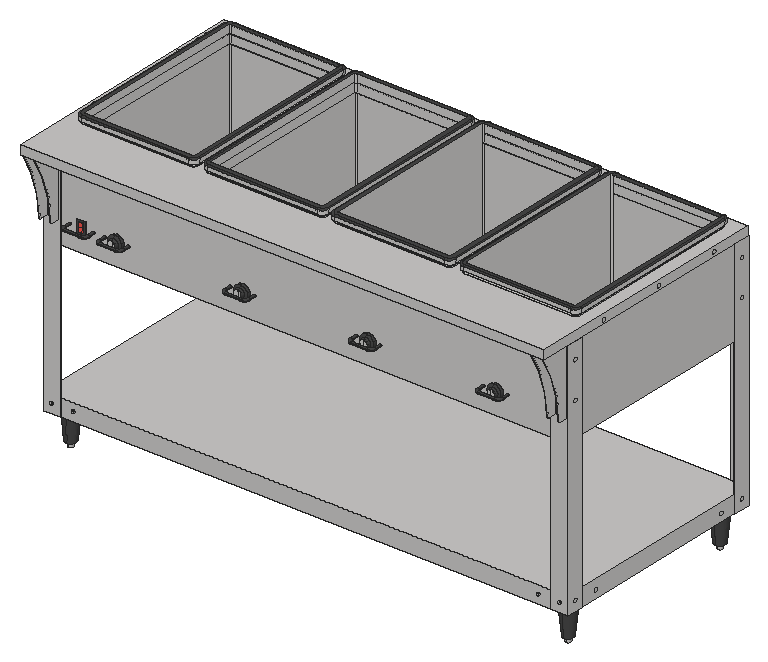
Revit family "QF_VOLLRATH_38204_SERVEWELL_SL_HOT_FOOD_TABLE", category Specialty Equipment, Revit 2022
Family settings
  Round Connector Dimension = Use Diameter
  Part Type = Normal
  Work Plane-Based = No
  Always vertical = Yes
  Cut with Voids When Loaded = No
  Maintain Annotation Orientation = No
  Shared = No
  Room Calculation Point = No
Parameters
  Weight in Pounds = 0
  Watts = 1920 W
  Volts = 120 V
  URL Cutsheet = ""
  Specification by User = ""
  Specification by Manufacturer = ""
  Serial Number = ""
  Seismic Rating = ""
  SMACNA No = ""
  Revision Code = ""
  Phase = 1
  Number of Poles = 1
  NAFEM Spec ID Number = ""
  Model = "38204"
  Min Ckt Ampacity = 0 A
  Max Overcurrent Protection = 0 A
  Masterspec = ""
  Manufacturer = "VOLLRATH"
  Length = 60 11/16"
  Item Number = ""
  Installed By = ""
  Identify Quantity as Lot = yes
  Height = 34"
  HP = ""
  Furnished By = ""
  Foodservice Equipment Identifier = yes
  FL Amps = 20 A
  Electrical Remarks = ""
  Electric Connection Type = ""
  Elec Conn RI Height = 0"
  Elec Conn Connection Height = 0"
  Description = "SERVEWELL SL HOT FOOD TABLE"
  Depth = 29 1/2"
  Default Elevation = 0"
  Cycle = 0 Hz
  Conn Plug = "NEMA 5-20P"
  Conn Conduit = yes
  CSI MasterFormat = ""
  Apparent Power = if(Phase = 3, Volts * FL Amps * 1.73, Volts * FL Amps)  # 2400 VA
Reference planes (in)
  plane 1 "BACK": y = 0
  plane 2: z = 0
  plane 3 "LEFT": x = 0
  plane 4 "RIGHT": x = 60.6875
  plane 5 "FRONT": y = -29.5
  plane 6 "TOP": z = 34
  plane 7 "Center Y": x = 30.34375
  plane 8 "Center X": y = -14.75
Dimensions and locks (in)
  equal spacing: plane 3 "LEFT", plane 7 "Center Y", plane 4 "RIGHT"
  "Length": plane 3 "LEFT" to plane 4 "RIGHT"
  equal spacing: plane 5 "FRONT", plane 8 "Center X", plane 1 "BACK"
  "Depth": plane 5 "FRONT" to plane 1 "BACK"
  "Height": plane 6 "TOP" to level
  nested 1 to level = 4"
  plane 4 "RIGHT" to plane 3 "LEFT" = 60 11/16"
  aligned and locked: level to plane 2
Nested families (in)
  nested 1: "QF_VOLLRATH_38203" at (0, 0, 0), type "QF_VOLLRATH_38203"
Connectors (in)
  electrical at (4.37729, -23.99392, 21.75393)
    settings: on nested 1, index 1, voltage 120 V, apparent load 0 VA, apparent load phase1 0 VA, apparent load phase2 0 VA, apparent load phase3 0 VA, power factor 1, load classification "Other", number of poles 1, system type 30, power factor state 1, is connector primary yes, connector utility no, sub classification motor no, connector description "ELECTRICAL CONNECTION"
Definition of nested family "QF_VOLLRATH_38203"
  Parameters (values of type "QF_VOLLRATH_38203")
    Weight in Pounds = 0
    Watts = 480 W
    Volts = 120 V
    URL Cutsheet = ""
    Specification by User = ""
    Specification by Manufacturer = ""
    Serial Number = ""
    Seismic Rating = ""
    SMACNA No = ""
    Revision Code = ""
    Phase = 0
    Number of Poles = 1
    NAFEM Spec ID Number = ""
    Model = "38204"
    Min Ckt Ampacity = 0 A
    Max Overcurrent Protection = 0 A
    Masterspec = ""
    Manufacturer = "VOLLRATH"
    Length = 60 11/16"
    Item Number = ""
    Installed By = ""
    Identify Quantity as Lot = yes
    Height = 34"
    HP = ""
    Furnished By = ""
    Foodservice Equipment Identifier = yes
    FL Amps = 15 A
    Electrical Remarks = ""
    Electric Connection Type = ""
    Elec Conn RI Height = 0"
    Elec Conn Connection Height = 0"
    Description = "SERVEWELL SL HOT FOOD TABLE"
    Depth = 29 1/2"
    Default Elevation = 0"
    Cycle = 0 Hz
    Conn Plug = "NEMA 5-20P"
    Conn Conduit = yes
    CSI MasterFormat = ""
    Apparent Power = if(Phase = 3, Volts * FL Amps * 1.73, Volts * FL Amps)  # 1800 VA
  Reference planes (in)
    plane 1 "BACK": y = 0
    plane 2: z = 0
    plane 3 "LEFT": x = 0
    plane 4 "RIGHT": x = 60.6875
    plane 5 "FRONT": y = -29.5
    plane 6 "TOP": z = 34
    plane 7 "Center Y": x = 30.34375
    plane 8 "Center X": y = -14.75
    plane 9: z = 4
    plane 10: y = -26
    plane 11: z = 6
    plane 12: x = 1.5
    plane 13: y = -18.1465
    plane 14: x = 59.1875
  Forms (in)
    Extrusion 1, solid
      sketch origin (-38.39759, -180, 34) x (-1, 0, 0) y (0, -1, 0)
        loop
          line (-38.39759, -180) -> (-38.39759, -150.5) -> (-99.08509, -150.5) -> (-99.08509, -180) -> (-38.39759, -180)
        loop
          arc (-53.31185, -178.35363) -> (-53.26608, -178.46411) -> (-53.1556, -178.50988) r 0.15625
          line (-53.1556, -178.50988) -> (-40.4056, -178.50988)
          arc (-40.4056, -178.50988) -> (-40.29511, -178.46411) -> (-40.24935, -178.35363) r 0.15625
          line (-40.24935, -178.35363) -> (-40.24935, -157.60363)
          arc (-40.24935, -157.60363) -> (-40.29511, -157.49314) -> (-40.4056, -157.44738) r 0.15625
          line (-40.4056, -157.44738) -> (-53.1556, -157.44738)
          arc (-53.1556, -157.44738) -> (-53.26608, -157.49314) -> (-53.31185, -157.60363) r 0.15625
          line (-53.31185, -157.60363) -> (-53.31185, -178.35363)
        loop
          line (-54.82709, -178.35363) -> (-54.82709, -157.60363)
          arc (-54.82709, -157.60363) -> (-54.87285, -157.49314) -> (-54.98334, -157.44738) r 0.15625
          line (-54.98334, -157.44738) -> (-67.73334, -157.44738)
          arc (-67.73334, -157.44738) -> (-67.84382, -157.49314) -> (-67.88959, -157.60363) r 0.15625
          line (-67.88959, -157.60363) -> (-67.88959, -178.35363)
          arc (-67.88959, -178.35363) -> (-67.84382, -178.46411) -> (-67.73334, -178.50988) r 0.15625
          line (-67.73334, -178.50988) -> (-54.98334, -178.50988)
          arc (-54.98334, -178.50988) -> (-54.87285, -178.46411) -> (-54.82709, -178.35363) r 0.15625
        loop
          arc (-69.57709, -157.60363) -> (-69.62285, -157.49314) -> (-69.73334, -157.44738) r 0.15625
          line (-69.73334, -157.44738) -> (-82.48334, -157.44738)
          arc (-82.48334, -157.44738) -> (-82.59382, -157.49314) -> (-82.63959, -157.60363) r 0.15625
          line (-82.63959, -157.60363) -> (-82.63959, -178.35363)
          arc (-82.63959, -178.35363) -> (-82.59382, -178.46411) -> (-82.48334, -178.50988) r 0.15625
          line (-82.48334, -178.50988) -> (-69.73334, -178.50988)
          arc (-69.73334, -178.50988) -> (-69.62285, -178.46411) -> (-69.57709, -178.35363) r 0.15625
          line (-69.57709, -178.35363) -> (-69.57709, -157.60363)
        loop
          arc (-84.17084, -157.60363) -> (-84.2166, -157.49314) -> (-84.32709, -157.44738) r 0.15625
          line (-84.32709, -157.44738) -> (-97.07709, -157.44738)
          arc (-97.07709, -157.44738) -> (-97.18757, -157.49314) -> (-97.23334, -157.60363) r 0.15625
          line (-97.23334, -157.60363) -> (-97.23334, -178.35363)
          arc (-97.23334, -178.35363) -> (-97.18757, -178.46411) -> (-97.07709, -178.50988) r 0.15625
          line (-97.07709, -178.50988) -> (-84.32709, -178.50988)
          arc (-84.32709, -178.50988) -> (-84.2166, -178.46411) -> (-84.17084, -178.35363) r 0.15625
          line (-84.17084, -178.35363) -> (-84.17084, -157.60363)
      from -0.90354 to -1.94773
    Extrusion 2, solid
      sketch origin (0, 0, 0) x (1, 0, 0) y (0, 1, 0)
        loop
          line (0, -26) -> (60.6875, -26) -> (60.6875, 0) -> (0, 0) -> (0, -26)
        loop
          arc (14.91425, -1.64637) -> (14.86849, -1.53589) -> (14.758, -1.49012) r 0.15625
          line (14.758, -1.49012) -> (2.008, -1.49012)
          arc (2.008, -1.49012) -> (1.89752, -1.53589) -> (1.85175, -1.64637) r 0.15625
          line (1.85175, -1.64637) -> (1.85175, -22.39637)
          arc (1.85175, -22.39637) -> (1.89752, -22.50686) -> (2.008, -22.55262) r 0.15625
          line (2.008, -22.55262) -> (14.758, -22.55262)
          arc (14.758, -22.55262) -> (14.86849, -22.50686) -> (14.91425, -22.39637) r 0.15625
          line (14.91425, -22.39637) -> (14.91425, -1.64637)
        loop
          arc (16.4455, -22.39637) -> (16.49127, -22.50686) -> (16.60175, -22.55262) r 0.15625
          line (16.60175, -22.55262) -> (29.35175, -22.55262)
          arc (29.35175, -22.55262) -> (29.46224, -22.50686) -> (29.508, -22.39637) r 0.15625
          line (29.508, -22.39637) -> (29.508, -1.64637)
          arc (29.508, -1.64637) -> (29.46224, -1.53589) -> (29.35175, -1.49012) r 0.15625
          line (29.35175, -1.49012) -> (16.60175, -1.49012)
          arc (16.60175, -1.49012) -> (16.49127, -1.53589) -> (16.4455, -1.64637) r 0.15625
          line (16.4455, -1.64637) -> (16.4455, -22.39637)
        loop
          line (45.77325, -1.64637) -> (45.77325, -22.39637)
          arc (45.77325, -22.39637) -> (45.81901, -22.50686) -> (45.9295, -22.55262) r 0.15625
          line (45.9295, -22.55262) -> (58.6795, -22.55262)
          arc (58.6795, -22.55262) -> (58.78998, -22.50686) -> (58.83575, -22.39637) r 0.15625
          line (58.83575, -22.39637) -> (58.83575, -1.64637)
          arc (58.83575, -1.64637) -> (58.78998, -1.53589) -> (58.6795, -1.49012) r 0.15625
          line (58.6795, -1.49012) -> (45.9295, -1.49012)
          arc (45.9295, -1.49012) -> (45.81901, -1.53589) -> (45.77325, -1.64637) r 0.15625
        loop
          line (44.242, -22.39637) -> (44.242, -1.64637)
          arc (44.242, -1.64637) -> (44.19623, -1.53589) -> (44.08575, -1.49012) r 0.15625
          line (44.08575, -1.49012) -> (31.33575, -1.49012)
          arc (31.33575, -1.49012) -> (31.22526, -1.53589) -> (31.1795, -1.64637) r 0.15625
          line (31.1795, -1.64637) -> (31.1795, -22.39637)
          arc (31.1795, -22.39637) -> (31.22526, -22.50686) -> (31.33575, -22.55262) r 0.15625
          line (31.33575, -22.55262) -> (44.08575, -22.55262)
          arc (44.08575, -22.55262) -> (44.19623, -22.50686) -> (44.242, -22.39637) r 0.15625
      from 21.87893 to 32.05227
    Extrusion 3, solid
      sketch origin (0, 0, 0) x (1, 0, 0) y (0, 1, 0)
        loop
          line (-0.0625, -26.0625) -> (1.9375, -26.0625) -> (1.9375, -26) -> (0, -26) -> (0, -24.0625) -> (-0.0625, -24.0625) -> (-0.0625, -26.0625)
        loop
          line (60.75, -26.0625) -> (60.75, -24.0625) -> (60.6875, -24.0625) -> (60.6875, -26) -> (58.75, -26) -> (58.75, -26.0625) -> (60.75, -26.0625)
        loop
          line (-0.0625, 0.0625) -> (-0.0625, -1.9375) -> (0, -1.9375) -> (0, 0) -> (1.9375, 0) -> (1.9375, 0.0625) -> (-0.0625, 0.0625)
        loop
          line (60.75, 0.0625) -> (58.75, 0.0625) -> (58.75, 0) -> (60.6875, 0) -> (60.6875, -1.9375) -> (60.75, -1.9375) -> (60.75, 0.0625)
      from 4 to 32.05227
    Extrusion 4, solid
      sketch origin (0, -180, 4) x (-1, 0, 0) y (0, -1, 0)
        loop
          line (0, -180) -> (0, -154) -> (-60.6875, -154) -> (-60.6875, -180) -> (0, -180)
      from 0 to 2
    Revolve 5, solid
      sketch origin (59.1875, 0, 0) x (0, 1, 0) y (0, 0, -1)
        loop
          line (-24.0625, -4) -> (-24.0625, 0) -> (-24.34375, 0) -> (-24.34375, -0.5625) -> (-24.69114, -0.5625) -> (-24.99188, -4) -> (-24.0625, -4)
        axis (-24.0625, -4) -> (-24.0625, 0)
      angle from 0 to 360
    Sweep 6, solid
      path origin (0, 0, 0) x (1, 0, 0) y (0, 1, 0)
        loop
          arc (2.008, -1.14637) -> (1.65445, -1.29282) -> (1.508, -1.64637) r 0.5
          line (1.508, -1.64637) -> (1.508, -22.39637)
          arc (1.508, -22.39637) -> (1.65445, -22.74993) -> (2.008, -22.89637) r 0.5
          line (2.008, -22.89637) -> (14.41425, -22.89637)
          arc (14.41425, -22.89637) -> (14.76781, -22.74993) -> (14.91425, -22.39637) r 0.5
          line (14.91425, -22.39637) -> (14.91425, -1.64637)
          arc (14.91425, -1.64637) -> (14.76781, -1.29282) -> (14.41425, -1.14637) r 0.5
          line (14.41425, -1.14637) -> (2.008, -1.14637)
      profile origin (8.21113, -1.14637, 0) x (0, 1, 0) y (0, 0, 1)
        loop
          arc (0.21875, 33.86984) -> (0.18063, 33.96188) -> (0.08859, 34) r 0.13016
          line (0.08859, 34) -> (-0.34375, 34) -> (-0.34375, 21.87893) -> (0, 21.87893) -> (0, 33.09646)
          arc (0, 33.09646) -> (-0.07256, 33.26176) -> (-0.03125, 33.4375) r 0.285
          line (-0.03125, 33.4375) -> (0.21875, 33.4375) -> (0.21875, 33.86984)
    Sweep 7, solid
      path origin (7.23399, 0, 0) x (1, 0, 0) y (0, 1, 0)
        loop
          arc (9.35175, -1.14637) -> (8.9982, -1.29282) -> (8.85175, -1.64637) r 0.5
          line (8.85175, -1.64637) -> (8.85175, -22.39637)
          arc (8.85175, -22.39637) -> (8.9982, -22.74993) -> (9.35175, -22.89637) r 0.5
          line (9.35175, -22.89637) -> (22.10175, -22.89637)
          arc (22.10175, -22.89637) -> (22.45531, -22.74993) -> (22.60175, -22.39637) r 0.5
          line (22.60175, -22.39637) -> (22.60175, -1.64637)
          arc (22.60175, -1.64637) -> (22.45531, -1.29282) -> (22.10175, -1.14637) r 0.5
          line (22.10175, -1.14637) -> (9.35175, -1.14637)
      profile origin (22.96075, -1.14637, 0) x (0, 1, 0) y (0, 0, 1)
        loop
          arc (0.21875, 33.86984) -> (0.18063, 33.96188) -> (0.08859, 34) r 0.13016
          line (0.08859, 34) -> (-0.34375, 34) -> (-0.34375, 21.87893) -> (0, 21.87893) -> (0, 33.09646)
          arc (0, 33.09646) -> (-0.07256, 33.26176) -> (-0.03125, 33.4375) r 0.285
          line (-0.03125, 33.4375) -> (0.21875, 33.4375) -> (0.21875, 33.86984)
    Extrusion 8, solid
      sketch origin (0, 0, 0) x (0, 1, 0) y (0, 0, 1)
        loop
          arc (-29.38523, 32.05227) -> (-27.76168, 28.48926) -> (-27.05801, 24.63752) r 15.90135
          arc (-27.05801, 24.63752) -> (-26.98006, 24.47007) -> (-26.80842, 24.40183) r 0.25
          line (-26.80842, 24.40183) -> (-26.0625, 24.40183) -> (-26.0625, 32.05227) -> (-29.38523, 32.05227)
      from 0.19267 to 0.26943
    Extrusion 9, solid
      sketch origin (1.38301, 0, 0) x (0, 1, 0) y (0, 0, 1)
        loop
          arc (-29.38523, 32.05227) -> (-27.76168, 28.48926) -> (-27.05801, 24.63752) r 15.90135
          arc (-27.05801, 24.63752) -> (-26.98006, 24.47007) -> (-26.80842, 24.40183) r 0.25
          line (-26.80842, 24.40183) -> (-26.0625, 24.40183) -> (-26.0625, 32.05227) -> (-29.38523, 32.05227)
      from 0.12501 to 0.21028
    Revolve 10, solid
      sketch origin (8.383, 0.0625, 0) x (0, 1, 0) y (0, 0, 1)
        loop
          line (-26.0625, 24.44451) -> (-26.0625, 25.25473) -> (-26.36725, 25.25473) -> (-26.50448, 24.94383) -> (-26.8125, 24.8613) -> (-26.8125, 24.44451) -> (-26.0625, 24.44451)
        axis (-26.8125, 24.44451) -> (-26.0625, 24.44451)
      angle from 0 to 360
    Sweep 11, solid
      path origin (0, 0, 0) x (1, 0, 0) y (0, 1, 0)
        loop
          line (7, -26) -> (7, -26.83521)
          arc (7, -26.83521) -> (7.12149, -27.12851) -> (7.41479, -27.25) r 0.41479
          line (7.41479, -27.25) -> (9.33594, -27.25)
          arc (9.33594, -27.25) -> (9.62872, -27.12872) -> (9.75, -26.83594) r 0.41406
          line (9.75, -26.83594) -> (9.75, -26)
      profile origin (8.37537, -27.25, 0) x (0, 1, 0) y (0, 0, 1)
        loop
          circle (0, 24.4375) r 0.125
    Revolve 12, solid
      sketch origin (23, 0.0625, 0) x (0, 1, 0) y (0, 0, 1)
        loop
          line (-26.0625, 24.44451) -> (-26.0625, 25.25473) -> (-26.36725, 25.25473) -> (-26.50448, 24.94383) -> (-26.8125, 24.8613) -> (-26.8125, 24.44451) -> (-26.0625, 24.44451)
        axis (-26.8125, 24.44451) -> (-26.0625, 24.44451)
      angle from 0 to 360
    Sweep 13, solid
      path origin (7.242, 0, 0) x (1, 0, 0) y (0, 1, 0)
        loop
          line (14.34375, -26) -> (14.34375, -26.83521)
          arc (14.34375, -26.83521) -> (14.46524, -27.12851) -> (14.75854, -27.25) r 0.41479
          line (14.75854, -27.25) -> (16.67969, -27.25)
          arc (16.67969, -27.25) -> (16.97247, -27.12872) -> (17.09375, -26.83594) r 0.41406
          line (17.09375, -26.83594) -> (17.09375, -26)
      profile origin (22.96111, -27.25, 0) x (0, 1, 0) y (0, 0, 1)
        loop
          circle (0, 24.4375) r 0.125
    Revolve 14, solid
      sketch origin (37.617, 0.0625, 0) x (0, 1, 0) y (0, 0, -1)
        loop
          line (-26.0625, -24.44451) -> (-26.8125, -24.44451) -> (-26.8125, -24.8613) -> (-26.50448, -24.94383) -> (-26.36725, -25.25473) -> (-26.0625, -25.25473) -> (-26.0625, -24.44451)
        axis (-26.8125, -24.44451) -> (-26.0625, -24.44451)
      angle from 0 to 360
    Sweep 15, solid
      path origin (46, 0, 0) x (-1, 0, 0) y (0, -1, 0)
        loop
          line (-7.6875, 26) -> (-7.6875, 26.83521)
          arc (-7.6875, 26.83521) -> (-7.56601, 27.12851) -> (-7.27271, 27.25) r 0.41479
          line (-7.27271, 27.25) -> (-5.35156, 27.25)
          arc (-5.35156, 27.25) -> (-5.05878, 27.12872) -> (-4.9375, 26.83594) r 0.41406
          line (-4.9375, 26.83594) -> (-4.9375, 26)
      profile origin (52.31213, -27.25, 0) x (0, -1, 0) y (0, 0, 1)
        loop
          circle (0, 24.4375) r 0.125
    Extrusion 16, solid
      sketch origin (0, -26, 0) x (1, 0, 0) y (0, 0, 1)
        loop
          line (3.81326, 25.25117) -> (3.81326, 23.75117) -> (4.81326, 23.75117) -> (4.81326, 25.25117) -> (3.81326, 25.25117)
        loop
          line (4.10495, 25.04634) -> (4.10495, 24.03072) -> (4.52019, 24.03072) -> (4.52019, 25.04634) -> (4.10495, 25.04634)
      from 0 to 0.0625
    Extrusion 17, solid
      sketch origin (4.10495, -26, 24.53072) x (0, 0, 1) y (0, -1, 0)
        loop
          line (0.51563, 0.0625) -> (0.51563, 0.12731) -> (0.05202, 0.12731) -> (-0.49994, 0.20488) -> (-0.49994, 0.0625) -> (0.51563, 0.0625)
      from 0 to 0.41524
    Sweep 18, solid
      path origin (-4.03125, 0, 0) x (1, 0, 0) y (0, 1, 0)
        loop
          line (7, -26) -> (7, -26.83521)
          arc (7, -26.83521) -> (7.12149, -27.12851) -> (7.41479, -27.25) r 0.41479
          line (7.41479, -27.25) -> (9.33594, -27.25)
          arc (9.33594, -27.25) -> (9.62872, -27.12872) -> (9.75, -26.83594) r 0.41406
          line (9.75, -26.83594) -> (9.75, -26)
      profile origin (4.34412, -27.25, 0) x (0, 1, 0) y (0, 0, 1)
        loop
          circle (0, 24.4375) r 0.125
    Extrusion 19, solid
      sketch origin (0, 0, 21.87893) x (0, 1, 0) y (1, 0, 0)
        loop
          circle (-19.65638, 8.32444) r 0.5
        loop
          line (-22.39637, 1.85175) -> (-1.64637, 1.85175)
          arc (-1.64637, 1.85175) -> (-1.53589, 1.89752) -> (-1.49012, 2.008) r 0.15625
          line (-1.49012, 2.008) -> (-1.49012, 14.758)
          arc (-1.49012, 14.758) -> (-1.53589, 14.86849) -> (-1.64637, 14.91425) r 0.15625
          line (-1.64637, 14.91425) -> (-22.39637, 14.91425)
          arc (-22.39637, 14.91425) -> (-22.50686, 14.86849) -> (-22.55262, 14.758) r 0.15625
          line (-22.55262, 14.758) -> (-22.55262, 2.008)
          arc (-22.55262, 2.008) -> (-22.50686, 1.89752) -> (-22.39637, 1.85175) r 0.15625
        loop
          circle (-19.65638, 23.01931) r 0.5
        loop
          arc (-22.39637, 29.492) -> (-22.50686, 29.44623) -> (-22.55262, 29.33575) r 0.15625
          line (-22.55262, 29.33575) -> (-22.55262, 16.58575)
          arc (-22.55262, 16.58575) -> (-22.50686, 16.47526) -> (-22.39637, 16.4295) r 0.15625
          line (-22.39637, 16.4295) -> (-1.64637, 16.4295)
          arc (-1.64637, 16.4295) -> (-1.53589, 16.47526) -> (-1.49012, 16.58575) r 0.15625
          line (-1.49012, 16.58575) -> (-1.49012, 29.33575)
          arc (-1.49012, 29.33575) -> (-1.53589, 29.44623) -> (-1.64637, 29.492) r 0.15625
          line (-1.64637, 29.492) -> (-22.39637, 29.492)
        loop
          circle (-19.65638, 52.36306) r 0.5
        loop
          arc (-22.39637, 58.83575) -> (-22.50686, 58.78998) -> (-22.55262, 58.6795) r 0.15625
          line (-22.55262, 58.6795) -> (-22.55262, 45.9295)
          arc (-22.55262, 45.9295) -> (-22.50686, 45.81901) -> (-22.39637, 45.77325) r 0.15625
          line (-22.39637, 45.77325) -> (-1.64637, 45.77325)
          arc (-1.64637, 45.77325) -> (-1.53589, 45.81901) -> (-1.49012, 45.9295) r 0.15625
          line (-1.49012, 45.9295) -> (-1.49012, 58.6795)
          arc (-1.49012, 58.6795) -> (-1.53589, 58.78998) -> (-1.64637, 58.83575) r 0.15625
          line (-1.64637, 58.83575) -> (-22.39637, 58.83575)
        loop
          circle (-19.65638, 37.66819) r 0.5
        loop
          line (-22.39637, 31.1955) -> (-1.64637, 31.1955)
          arc (-1.64637, 31.1955) -> (-1.53589, 31.24127) -> (-1.49012, 31.35175) r 0.15625
          line (-1.49012, 31.35175) -> (-1.49012, 44.10175)
          arc (-1.49012, 44.10175) -> (-1.53589, 44.21224) -> (-1.64637, 44.258) r 0.15625
          line (-1.64637, 44.258) -> (-22.39637, 44.258)
          arc (-22.39637, 44.258) -> (-22.50686, 44.21224) -> (-22.55262, 44.10175) r 0.15625
          line (-22.55262, 44.10175) -> (-22.55262, 31.35175)
          arc (-22.55262, 31.35175) -> (-22.50686, 31.24127) -> (-22.39637, 31.1955) r 0.15625
      from 0 to -0.48173
    Extrusion 20, solid
      sketch origin (-38.39759, -180, 33.09646) x (-1, 0, 0) y (0, -1, 0)
        loop
          circle (-38.90258, -176.94303) r 0.25
        loop
          circle (-38.90258, -175.89791) r 0.25
        loop
          circle (-38.93459, -172.90202) r 0.25
        loop
          circle (-38.96584, -160.74577) r 0.25
      from 0 to 0.0625
    Extrusion 21, solid
      sketch origin (0.1875, 0, 21.87893) x (0, 1, 0) y (1, 0, 0)
        loop
          circle (-23.99392, 4.18979) r 0.5
      from 0 to 0.125
    Extrusion 22, solid
      sketch origin (0, 0, 21.87893) x (0, 1, 0) y (1, 0, 0)
        loop
          circle (-19.65551, 8.32474) r 0.5
        loop
          circle (-19.65551, 52.36276) r 0.5
        loop
          circle (-19.65551, 23.02344) r 0.5
        loop
          circle (-19.65551, 37.66406) r 0.5
        loop
          circle (-19.65551, 8.32474) r 0.5625
        loop
          circle (-19.65551, 23.02344) r 0.5625
        loop
          circle (-19.65551, 37.66406) r 0.5625
        loop
          circle (-19.65551, 52.36276) r 0.5625
      from 0 to 2
    Extrusion 23, solid
      sketch origin (0, 0, 0) x (1, 0, 0) y (0, 0, 1)
        loop
          arc (8.11974, 21.11331) -> (7.98829, 20.87122) -> (8.15928, 20.65522) r 0.25
          line (8.15928, 20.65522) -> (8.15928, 19.87893) -> (8.44974, 19.87893) -> (8.44974, 20.65323)
          arc (8.44974, 20.65323) -> (8.62739, 20.87543) -> (8.48208, 21.12001) r 0.25
          line (8.48208, 21.12001) -> (8.48208, 21.37213) -> (8.11974, 21.37213) -> (8.11974, 21.11331)
      from 20.74955 to 20.32975
    Extrusion 24, solid
      sketch origin (0, 0, 0) x (1, 0, 0) y (0, 0, 1)
        loop
          circle (8.30179, 20.88613) r 0.25
      from 20.15525 to 20.32975
    Extrusion 25, solid
      sketch origin (7.39541, 0, 0) x (1, 0, 0) y (0, 0, 1)
        loop
          arc (15.46349, 21.11331) -> (15.33204, 20.87122) -> (15.50303, 20.65522) r 0.25
          line (15.50303, 20.65522) -> (15.50303, 19.87893) -> (15.79349, 19.87893) -> (15.79349, 20.65323)
          arc (15.79349, 20.65323) -> (15.97114, 20.87543) -> (15.82583, 21.12001) r 0.25
          line (15.82583, 21.12001) -> (15.82583, 21.37213) -> (15.46349, 21.37213) -> (15.46349, 21.11331)
      from 20.74955 to 20.32975
    Extrusion 26, solid
      sketch origin (7.40222, 0, 0) x (1, 0, 0) y (0, 0, 1)
        loop
          circle (15.64554, 20.88613) r 0.25
      from 20.15525 to 20.32975
    Extrusion 27, solid
      sketch origin (29.38659, 0, 0) x (1, 0, 0) y (0, 0, 1)
        loop
          arc (22.80724, 21.11331) -> (22.67579, 20.87122) -> (22.84678, 20.65522) r 0.25
          line (22.84678, 20.65522) -> (22.84678, 19.87893) -> (23.13724, 19.87893) -> (23.13724, 20.65323)
          arc (23.13724, 20.65323) -> (23.31489, 20.87543) -> (23.16958, 21.12001) r 0.25
          line (23.16958, 21.12001) -> (23.16958, 21.37213) -> (22.80724, 21.37213) -> (22.80724, 21.11331)
      from 20.74955 to 20.32975
    Extrusion 28, solid
      sketch origin (29.38659, 0, 0) x (1, 0, 0) y (0, 0, 1)
        loop
          circle (22.98929, 20.88613) r 0.25
      from 20.15525 to 20.32975
    Extrusion 29, solid
      sketch origin (60.6875, 0, 34) x (0, -1, 0) y (0, 0, -1)
        loop
          circle (25.09699, 3.76064) r 0.17669
        loop
          circle (25.09699, 8.01064) r 0.17669
        loop
          circle (25.09699, 28.76064) r 0.17669
        loop
          circle (22.10841, 29.02211) r 0.17669
        loop
          circle (3.92282, 29.02211) r 0.17669
        loop
          circle (0.93013, 28.81284) r 0.17669
        loop
          circle (0.93013, 7.8989) r 0.17669
        loop
          circle (0.93013, 3.74659) r 0.17669
        loop
          circle (20.96222, 1.42378) r 0.17669
        loop
          circle (12.96222, 1.42378) r 0.17669
        loop
          circle (4.96222, 1.42378) r 0.17669
      from 0 to 0.125
    Extrusion 30, solid
      sketch origin (0, 0, 34) x (0, -1, 0) y (0, 0, 1)
        loop
          circle (25.09699, -3.76064) r 0.17669
        loop
          circle (25.09699, -8.01064) r 0.17669
        loop
          circle (25.09699, -28.76064) r 0.17669
        loop
          circle (22.10841, -29.02211) r 0.17669
        loop
          circle (3.92282, -29.02211) r 0.17669
        loop
          circle (0.93013, -28.81284) r 0.17669
        loop
          circle (0.93013, -7.8989) r 0.17669
        loop
          circle (0.93013, -3.74659) r 0.17669
        loop
          circle (20.96222, -1.42378) r 0.17669
        loop
          circle (12.96222, -1.42378) r 0.17669
        loop
          circle (4.96222, -1.42378) r 0.17669
      from 0 to 0.125
    Extrusion 31, solid
      sketch origin (60.75, -26.0625, 0) x (-1, 0, 0) y (0, 0, -1)
        loop
          circle (0.93848, -30.25949) r 0.14866
        loop
          circle (0.93848, -26.00949) r 0.14866
        loop
          circle (0.93848, -5.09351) r 0.14866
        loop
          circle (3.43848, -5.09351) r 0.14866
        loop
          circle (59.87402, -30.25949) r 0.14866
        loop
          circle (59.87402, -26.00949) r 0.14866
        loop
          circle (59.87402, -5.09351) r 0.14866
        loop
          circle (57.37402, -5.09351) r 0.14866
      from 0 to 0.0625
    Revolve 32, solid
      sketch origin (1.5, 0, 0) x (0, 1, 0) y (0, 0, 1)
        loop
          line (-24.0625, 4) -> (-24.99188, 4) -> (-24.69114, 0.5625) -> (-24.34375, 0.5625) -> (-24.34375, 0) -> (-24.0625, 0) -> (-24.0625, 4)
        axis (-24.0625, 4) -> (-24.0625, 0)
      angle from 0 to 360
    Revolve 33, solid
      sketch origin (1.5, -26.125, 0) x (0, -1, 0) y (0, 0, -1)
        loop
          line (-24.0625, -4) -> (-24.0625, 0) -> (-24.34375, 0) -> (-24.34375, -0.5625) -> (-24.69114, -0.5625) -> (-24.99188, -4) -> (-24.0625, -4)
        axis (-24.0625, -4) -> (-24.0625, 0)
      angle from 0 to 360
    Revolve 34, solid
      sketch origin (59.1875, -26.125, 0) x (0, -1, 0) y (0, 0, 1)
        loop
          line (-24.0625, 4) -> (-24.99188, 4) -> (-24.69114, 0.5625) -> (-24.34375, 0.5625) -> (-24.34375, 0) -> (-24.0625, 0) -> (-24.0625, 4)
        axis (-24.0625, 4) -> (-24.0625, 0)
      angle from 0 to 360
    Blend 35, solid
      base sketch origin (0, 0, 0) x (1, 0, 0) y (0, 1, 0)
        loop
          line (54.75023, -18.1465) -> (54.75023, -23.02664) -> (59.25023, -23.02664) -> (59.25023, -18.1465) -> (54.75023, -18.1465)
      top sketch origin (0, 0, 0) x (1, 0, 0) y (0, 1, 0)
        loop
          line (55.25023, -22.52664) -> (58.75023, -22.52664) -> (58.75023, -18.6465) -> (55.25023, -18.6465) -> (55.25023, -22.52664)
      from 4 to 3.30089
    Blend 36, solid
      base sketch origin (46, 0, 0) x (-1, 0, 0) y (0, -1, 0)
        loop
          line (40.06273, 18.1465) -> (44.56273, 18.1465) -> (44.56273, 23.02664) -> (40.06273, 23.02664) -> (40.06273, 18.1465)
      top sketch origin (46, 0, 0) x (-1, 0, 0) y (0, -1, 0)
        loop
          line (40.56273, 22.52664) -> (40.56273, 18.6465) -> (44.06273, 18.6465) -> (44.06273, 22.52664) -> (40.56273, 22.52664)
      from 4 to 3.30089
    Blend 37, solid
      base sketch origin (0, -26.0164, 0) x (1, 0, 0) y (0, 1, 0)
        loop
          line (54.75023, 18.1465) -> (59.25023, 18.1465) -> (59.25023, 23.02664) -> (54.75023, 23.02664) -> (54.75023, 18.1465)
      top sketch origin (0, -26.0164, 0) x (1, 0, 0) y (0, 1, 0)
        loop
          line (55.25023, 22.52664) -> (55.25023, 18.6465) -> (58.75023, 18.6465) -> (58.75023, 22.52664) -> (55.25023, 22.52664)
      from 4 to 3.30089
    Blend 38, solid
      base sketch origin (46, -26.0164, 0) x (-1, 0, 0) y (0, -1, 0)
        loop
          line (40.06273, -18.1465) -> (40.06273, -23.02664) -> (44.56273, -23.02664) -> (44.56273, -18.1465) -> (40.06273, -18.1465)
      top sketch origin (46, -26.0164, 0) x (-1, 0, 0) y (0, -1, 0)
        loop
          line (40.56273, -22.52664) -> (44.06273, -22.52664) -> (44.06273, -18.6465) -> (40.56273, -18.6465) -> (40.56273, -22.52664)
      from 4 to 3.30089
    Extrusion 39, solid
      sketch origin (60.6875, 0, 0) x (0, 1, 0) y (0, 0, -1)
        loop
          line (-29.38523, -32.05227) -> (-26.0625, -32.05227) -> (-26.0625, -24.40183) -> (-26.80842, -24.40183)
          arc (-26.80842, -24.40183) -> (-26.98006, -24.47007) -> (-27.05801, -24.63752) r 0.25
          arc (-27.05801, -24.63752) -> (-27.76168, -28.48926) -> (-29.38523, -32.05227) r 15.90135
      from 0.19267 to 0.26943
    Extrusion 40, solid
      sketch origin (59.30449, 0, 0) x (0, 1, 0) y (0, 0, -1)
        loop
          line (-29.38523, -32.05227) -> (-26.0625, -32.05227) -> (-26.0625, -24.40183) -> (-26.80842, -24.40183)
          arc (-26.80842, -24.40183) -> (-26.98006, -24.47007) -> (-27.05801, -24.63752) r 0.25
          arc (-27.05801, -24.63752) -> (-27.76168, -28.48926) -> (-29.38523, -32.05227) r 15.90135
      from 0.12501 to 0.21028
    Sweep 41, solid
      path origin (60.6875, 0, 0) x (-1, 0, 0) y (0, -1, 0)
        loop
          line (2.008, 1.14637) -> (14.41425, 1.14637)
          arc (14.41425, 1.14637) -> (14.76781, 1.29282) -> (14.91425, 1.64637) r 0.5
          line (14.91425, 1.64637) -> (14.91425, 22.39637)
          arc (14.91425, 22.39637) -> (14.76781, 22.74993) -> (14.41425, 22.89637) r 0.5
          line (14.41425, 22.89637) -> (2.008, 22.89637)
          arc (2.008, 22.89637) -> (1.65445, 22.74993) -> (1.508, 22.39637) r 0.5
          line (1.508, 22.39637) -> (1.508, 1.64637)
          arc (1.508, 1.64637) -> (1.65445, 1.29282) -> (2.008, 1.14637) r 0.5
      profile origin (52.47637, -1.14637, 0) x (0, -1, 0) y (0, 0, 1)
        loop
          line (-0.21875, 33.86984) -> (-0.21875, 33.4375) -> (0.03125, 33.4375)
          arc (0.03125, 33.4375) -> (0.07256, 33.26176) -> (0, 33.09646) r 0.285
          line (0, 33.09646) -> (0, 21.87893) -> (0.34375, 21.87893) -> (0.34375, 34) -> (-0.08859, 34)
          arc (-0.08859, 34) -> (-0.18063, 33.96188) -> (-0.21875, 33.86984) r 0.13016
    Sweep 42, solid
      path origin (53.45351, 0, 0) x (-1, 0, 0) y (0, -1, 0)
        loop
          line (9.35175, 1.14637) -> (22.10175, 1.14637)
          arc (22.10175, 1.14637) -> (22.45531, 1.29282) -> (22.60175, 1.64637) r 0.5
          line (22.60175, 1.64637) -> (22.60175, 22.39637)
          arc (22.60175, 22.39637) -> (22.45531, 22.74993) -> (22.10175, 22.89637) r 0.5
          line (22.10175, 22.89637) -> (9.35175, 22.89637)
          arc (9.35175, 22.89637) -> (8.9982, 22.74993) -> (8.85175, 22.39637) r 0.5
          line (8.85175, 22.39637) -> (8.85175, 1.64637)
          arc (8.85175, 1.64637) -> (8.9982, 1.29282) -> (9.35175, 1.14637) r 0.5
      profile origin (37.72675, -1.14637, 0) x (0, -1, 0) y (0, 0, 1)
        loop
          line (-0.21875, 33.86984) -> (-0.21875, 33.4375) -> (0.03125, 33.4375)
          arc (0.03125, 33.4375) -> (0.07256, 33.26176) -> (0, 33.09646) r 0.285
          line (0, 33.09646) -> (0, 21.87893) -> (0.34375, 21.87893) -> (0.34375, 34) -> (-0.08859, 34)
          arc (-0.08859, 34) -> (-0.18063, 33.96188) -> (-0.21875, 33.86984) r 0.13016
    Extrusion 43, solid
      sketch origin (53.29209, 0, 0) x (-1, 0, 0) y (0, 0, -1)
        loop
          line (15.46349, -21.11331) -> (15.46349, -21.37213) -> (15.82583, -21.37213) -> (15.82583, -21.12001)
          arc (15.82583, -21.12001) -> (15.97114, -20.87543) -> (15.79349, -20.65323) r 0.25
          line (15.79349, -20.65323) -> (15.79349, -19.87893) -> (15.50303, -19.87893) -> (15.50303, -20.65522)
          arc (15.50303, -20.65522) -> (15.33204, -20.87122) -> (15.46349, -21.11331) r 0.25
      from 20.74955 to 20.32975
    Extrusion 44, solid
      sketch origin (60.6875, 0, 0) x (-1, 0, 0) y (0, 0, -1)
        loop
          circle (8.30179, -20.88613) r 0.25
      from 20.15525 to 20.32975
    Extrusion 45, solid
      sketch origin (53.28528, 0, 0) x (-1, 0, 0) y (0, 0, -1)
        loop
          circle (15.64554, -20.88613) r 0.25
      from 20.15525 to 20.32975
    Revolve 46, solid
      sketch origin (52.367, 0.0625, 0) x (0, 1, 0) y (0, 0, -1)
        loop
          line (-26.0625, -24.44451) -> (-26.8125, -24.44451) -> (-26.8125, -24.8613) -> (-26.50448, -24.94383) -> (-26.36725, -25.25473) -> (-26.0625, -25.25473) -> (-26.0625, -24.44451)
        axis (-26.8125, -24.44451) -> (-26.0625, -24.44451)
      angle from 0 to 360
    Sweep 47, solid
      path origin (31.25, 0, 0) x (-1, 0, 0) y (0, -1, 0)
        loop
          line (-7.6875, 26) -> (-7.6875, 26.83521)
          arc (-7.6875, 26.83521) -> (-7.56601, 27.12851) -> (-7.27271, 27.25) r 0.41479
          line (-7.27271, 27.25) -> (-5.35156, 27.25)
          arc (-5.35156, 27.25) -> (-5.05878, 27.12872) -> (-4.9375, 26.83594) r 0.41406
          line (-4.9375, 26.83594) -> (-4.9375, 26)
      profile origin (37.56213, -27.25, 0) x (0, -1, 0) y (0, 0, 1)
        loop
          circle (0, 24.4375) r 0.125
  Cuts and joins
    joined: Extrusion 2, Extrusion 3, Extrusion 4
  Lines and regions (in)
    Split face 1
      outline origin (0, -26, 32.05227) x (0, 0, -1) y (1, 0, 0)
        loop
          line (6.04686, 9.36933) -> (6.48436, 9.36933) -> (6.48436, 10.36933) -> (6.04686, 10.36933) -> (6.04686, 9.36933)
    Split face 2
      outline origin (0, -26, 32.05227) x (0, 0, -1) y (1, 0, 0)
        loop
          circle (6.79224, 9.82181) r 0.16586
    Split face 3
      outline origin (0, -26, 32.05227) x (0, 0, -1) y (1, 0, 0)
        loop
          line (6.04686, 38.30683) -> (6.48436, 38.30683) -> (6.48436, 39.30683) -> (6.04686, 39.30683) -> (6.04686, 38.30683)
    Split face 4
      outline origin (0, -26, 32.05227) x (0, 0, -1) y (1, 0, 0)
        loop
          circle (6.79224, 38.79056) r 0.16586
    Split face 5
      outline origin (0, -26, 32.05227) x (0, 0, -1) y (1, 0, 0)
        loop
          line (6.04686, 53.05683) -> (6.48436, 53.05683) -> (6.48436, 54.05683) -> (6.04686, 54.05683) -> (6.04686, 53.05683)
    Split face 6
      outline origin (0, -26, 32.05227) x (0, 0, -1) y (1, 0, 0)
        loop
          circle (6.79224, 53.55618) r 0.16586
    Split face 7
      outline origin (0, -26, 32.05227) x (0, 0, -1) y (1, 0, 0)
        loop
          arc (6.95843, 13.99045) -> (6.98589, 13.92416) -> (7.05218, 13.8967) r 0.09375
          line (7.05218, 13.8967) -> (8.17718, 13.8967)
          arc (8.17718, 13.8967) -> (8.24347, 13.92416) -> (8.27093, 13.99045) r 0.09375
          line (8.27093, 13.99045) -> (8.27093, 17.92817)
          arc (8.27093, 17.92817) -> (8.24353, 17.99431) -> (8.1774, 18.0217) r 0.09353
          line (8.1774, 18.0217) -> (7.05218, 18.0217)
          arc (7.05218, 18.0217) -> (6.98589, 17.99424) -> (6.95843, 17.92795) r 0.09375
          line (6.95843, 17.92795) -> (6.95843, 13.99045)
    Split face 8
      outline origin (0, -26, 32.05227) x (0, 0, -1) y (1, 0, 0)
        loop
          line (6.04686, 23.99433) -> (6.48436, 23.99433) -> (6.48436, 24.99433) -> (6.04686, 24.99433) -> (6.04686, 23.99433)
    Split face 9
      outline origin (0, -26, 32.05227) x (0, 0, -1) y (1, 0, 0)
        loop
          circle (6.79224, 24.46081) r 0.16586
    symbolic lines
      curve 1: line (0, 0, 0) -> (0, -29.5, 0)
      curve 2: line (0, -29.5, 0) -> (60.6875, -29.5, 0)
      curve 3: line (60.6875, -29.5, 0) -> (60.6875, 0, 0)
      curve 4: line (60.6875, 0, 0) -> (0, 0, 0)
      curve 5: arc (8.32444, -19.15638, 0) -> (8.82444, -19.65638, 0) -> (8.32444, -20.15638, 0) r 0.5
      curve 6: arc (8.32444, -20.15638, 0) -> (7.82444, -19.65638, 0) -> (8.32444, -19.15638, 0) r 0.5
      curve 7: arc (0.81824, -19.25423, 0) -> (0.56824, -19.00423, 0) -> (0.31824, -19.25423, 0) r 0.25
      curve 8: arc (0.31824, -19.25423, 0) -> (0.56824, -19.50423, 0) -> (0.81824, -19.25423, 0) r 0.25
      curve 9: arc (0.78699, -7.09798, 0) -> (0.53699, -6.84798, 0) -> (0.28699, -7.09798, 0) r 0.25
      curve 10: arc (0.28699, -7.09798, 0) -> (0.53699, -7.34798, 0) -> (0.78699, -7.09798, 0) r 0.25
      curve 11: arc (0.75498, -4.10209, 0) -> (0.50498, -3.85209, 0) -> (0.25498, -4.10209, 0) r 0.25
      curve 12: arc (0.25498, -4.10209, 0) -> (0.50498, -4.35209, 0) -> (0.75498, -4.10209, 0) r 0.25
      curve 13: arc (0.25498, -3.05697, 0) -> (0.50498, -3.30697, 0) -> (0.75498, -3.05697, 0) r 0.25
      curve 14: arc (0.75498, -3.05697, 0) -> (0.50498, -2.80697, 0) -> (0.25498, -3.05697, 0) r 0.25
      curve 15: line (14.5705, -1.64637, 0) -> (14.5705, -22.39637, 0)
      curve 16: arc (14.5705, -22.39637, 0) -> (14.52474, -22.50686, 0) -> (14.41425, -22.55262, 0) r 0.15625
      curve 17: line (14.41425, -22.55262, 0) -> (2.008, -22.55262, 0)
      curve 18: arc (2.008, -22.55262, 0) -> (1.89752, -22.50686, 0) -> (1.85175, -22.39637, 0) r 0.15625
      curve 19: line (1.85175, -22.39637, 0) -> (1.85175, -1.64637, 0)
      curve 20: arc (1.85175, -1.64637, 0) -> (1.89752, -1.53589, 0) -> (2.008, -1.49012, 0) r 0.15625
      curve 21: line (2.008, -1.49012, 0) -> (14.41425, -1.49012, 0)
      curve 22: arc (14.41425, -1.49012, 0) -> (14.52474, -1.53589, 0) -> (14.5705, -1.64637, 0) r 0.15625
      curve 23: line (14.41425, -23.11512, 0) -> (2.008, -23.11512, 0)
      curve 24: arc (2.008, -23.11512, 0) -> (1.49977, -22.90461, 0) -> (1.28925, -22.39637, 0) r 0.71875
      curve 25: line (1.28925, -22.39637, 0) -> (1.28925, -1.64637, 0)
      curve 26: arc (1.28925, -1.64637, 0) -> (1.49977, -1.13814, 0) -> (2.008, -0.92762, 0) r 0.71875
      curve 27: line (2.008, -0.92762, 0) -> (14.41425, -0.92762, 0)
      curve 28: arc (14.41425, -0.92762, 0) -> (14.92249, -1.13814, 0) -> (15.133, -1.64637, 0) r 0.71875
      curve 29: line (15.133, -1.64637, 0) -> (15.133, -22.39637, 0)
      curve 30: arc (15.133, -22.39637, 0) -> (14.92249, -22.90461, 0) -> (14.41425, -23.11512, 0) r 0.71875
      curve 31: arc (23.01931, -20.15638, 0) -> (22.51931, -19.65638, 0) -> (23.01931, -19.15638, 0) r 0.5
      curve 32: arc (23.01931, -19.15638, 0) -> (23.51931, -19.65638, 0) -> (23.01931, -20.15638, 0) r 0.5
      curve 33: line (29.33575, -22.55262, 0) -> (16.58575, -22.55262, 0)
      curve 34: arc (16.58575, -22.55262, 0) -> (16.47526, -22.50686, 0) -> (16.4295, -22.39637, 0) r 0.15625
      curve 35: line (16.4295, -22.39637, 0) -> (16.4295, -1.64637, 0)
      curve 36: arc (16.4295, -1.64637, 0) -> (16.47526, -1.53589, 0) -> (16.58575, -1.49012, 0) r 0.15625
      curve 37: line (16.58575, -1.49012, 0) -> (29.33575, -1.49012, 0)
      curve 38: arc (29.33575, -1.49012, 0) -> (29.44623, -1.53589, 0) -> (29.492, -1.64637, 0) r 0.15625
      curve 39: line (29.492, -1.64637, 0) -> (29.492, -22.39637, 0)
      curve 40: arc (29.492, -22.39637, 0) -> (29.44623, -22.50686, 0) -> (29.33575, -22.55262, 0) r 0.15625
      curve 41: line (15.867, -22.39637, 0) -> (15.867, -1.64637, 0)
      curve 42: arc (15.867, -1.64637, 0) -> (16.07751, -1.13814, 0) -> (16.58575, -0.92762, 0) r 0.71875
      curve 43: line (16.58575, -0.92762, 0) -> (29.33575, -0.92762, 0)
      curve 44: arc (29.33575, -0.92762, 0) -> (29.84398, -1.13814, 0) -> (30.0545, -1.64637, 0) r 0.71875
      curve 45: line (30.0545, -1.64637, 0) -> (30.0545, -22.39637, 0)
      curve 46: arc (30.0545, -22.39637, 0) -> (29.84398, -22.90461, 0) -> (29.33575, -23.11512, 0) r 0.71875
      curve 47: line (29.33575, -23.11512, 0) -> (16.58575, -23.11512, 0)
      curve 48: arc (16.58575, -23.11512, 0) -> (16.07751, -22.90461, 0) -> (15.867, -22.39637, 0) r 0.71875
      curve 49: line (30.633, -22.39637, 0) -> (30.633, -1.64637, 0)
      curve 50: arc (30.633, -1.64637, 0) -> (30.84352, -1.13814, 0) -> (31.35175, -0.92762, 0) r 0.71875
      curve 51: line (31.35175, -0.92762, 0) -> (44.10175, -0.92762, 0)
      curve 52: arc (44.10175, -0.92762, 0) -> (44.60999, -1.13814, 0) -> (44.8205, -1.64637, 0) r 0.71875
      curve 53: line (44.8205, -1.64637, 0) -> (44.8205, -22.39637, 0)
      curve 54: arc (44.8205, -22.39637, 0) -> (44.60999, -22.90461, 0) -> (44.10175, -23.11512, 0) r 0.71875
      curve 55: line (44.10175, -23.11512, 0) -> (31.35175, -23.11512, 0)
      curve 56: arc (31.35175, -23.11512, 0) -> (30.84352, -22.90461, 0) -> (30.633, -22.39637, 0) r 0.71875
      curve 57: line (31.1955, -22.39637, 0) -> (31.1955, -1.64637, 0)
      curve 58: arc (31.1955, -1.64637, 0) -> (31.24127, -1.53589, 0) -> (31.35175, -1.49012, 0) r 0.15625
      curve 59: line (31.35175, -1.49012, 0) -> (44.10175, -1.49012, 0)
      curve 60: arc (44.10175, -1.49012, 0) -> (44.21224, -1.53589, 0) -> (44.258, -1.64637, 0) r 0.15625
      curve 61: line (44.258, -1.64637, 0) -> (44.258, -22.39637, 0)
      curve 62: arc (44.258, -22.39637, 0) -> (44.21224, -22.50686, 0) -> (44.10175, -22.55262, 0) r 0.15625
      curve 63: line (44.10175, -22.55262, 0) -> (31.35175, -22.55262, 0)
      curve 64: arc (31.35175, -22.55262, 0) -> (31.24127, -22.50686, 0) -> (31.1955, -22.39637, 0) r 0.15625
      curve 65: arc (37.66819, -20.15638, 0) -> (37.16819, -19.65638, 0) -> (37.66819, -19.15638, 0) r 0.5
      curve 66: arc (37.66819, -19.15638, 0) -> (38.16819, -19.65638, 0) -> (37.66819, -20.15638, 0) r 0.5
      curve 67: line (46.117, -22.39637, 0) -> (46.117, -1.64637, 0)
      curve 68: arc (46.117, -1.64637, 0) -> (46.16276, -1.53589, 0) -> (46.27325, -1.49012, 0) r 0.15625
      curve 69: line (46.27325, -1.49012, 0) -> (58.6795, -1.49012, 0)
      curve 70: arc (58.6795, -1.49012, 0) -> (58.78998, -1.53589, 0) -> (58.83575, -1.64637, 0) r 0.15625
      curve 71: line (58.83575, -1.64637, 0) -> (58.83575, -22.39637, 0)
      curve 72: arc (58.83575, -22.39637, 0) -> (58.78998, -22.50686, 0) -> (58.6795, -22.55262, 0) r 0.15625
      curve 73: line (58.6795, -22.55262, 0) -> (46.27325, -22.55262, 0)
      curve 74: arc (46.27325, -22.55262, 0) -> (46.16276, -22.50686, 0) -> (46.117, -22.39637, 0) r 0.15625
      curve 75: line (45.5545, -22.39637, 0) -> (45.5545, -1.64637, 0)
      curve 76: arc (45.5545, -1.64637, 0) -> (45.76501, -1.13814, 0) -> (46.27325, -0.92762, 0) r 0.71875
      curve 77: line (46.27325, -0.92762, 0) -> (58.6795, -0.92762, 0)
      curve 78: arc (58.6795, -0.92762, 0) -> (59.18773, -1.13814, 0) -> (59.39825, -1.64637, 0) r 0.71875
      curve 79: line (59.39825, -1.64637, 0) -> (59.39825, -22.39637, 0)
      curve 80: arc (59.39825, -22.39637, 0) -> (59.18773, -22.90461, 0) -> (58.6795, -23.11512, 0) r 0.71875
      curve 81: line (58.6795, -23.11512, 0) -> (46.27325, -23.11512, 0)
      curve 82: arc (46.27325, -23.11512, 0) -> (45.76501, -22.90461, 0) -> (45.5545, -22.39637, 0) r 0.71875
      curve 83: arc (52.36306, -20.15638, 0) -> (51.86306, -19.65638, 0) -> (52.36306, -19.15638, 0) r 0.5
      curve 84: arc (52.36306, -19.15638, 0) -> (52.86306, -19.65638, 0) -> (52.36306, -20.15638, 0) r 0.5
  Dimensions and locks (in)
    equal spacing: plane 3 "LEFT", plane 7 "Center Y", plane 4 "RIGHT"
    "Length": plane 3 "LEFT" to plane 4 "RIGHT"
    equal spacing: plane 5 "FRONT", plane 8 "Center X", plane 1 "BACK"
    "Depth": plane 5 "FRONT" to plane 1 "BACK"
    "Height": plane 6 "TOP" to level
    plane 9 to level = 4"
    plane 5 "FRONT" to plane 1 "BACK" = 29 1/2"
    plane 10 to plane 1 "BACK" = 26"
    plane 11 to plane 9 = 2"
    plane 12 to plane 3 "LEFT" = 1 1/2"
    aligned and locked: level to plane 2
  Automatic sketch dimensions
    curve 5 to curve 6 = 0"  (x2)
    curve 7 to curve 8 = 0"  (x2)
    curve 9 to curve 10 = 0"  (x2)
    curve 11 to curve 12 = 0"  (x2)
    curve 13 to curve 14 = 0"  (x2)
    curve 16 to curve 30 = 0"  (x2)
    curve 18 to curve 24 = 0"  (x2)
    curve 20 to curve 26 = 0"  (x2)
    curve 22 to curve 28 = 0"  (x2)
    curve 31 to curve 32 = 0"  (x2)
    curve 34 to curve 48 = 0"  (x2)
    curve 36 to curve 42 = 0"  (x2)
    curve 38 to curve 44 = 0"  (x2)
    curve 40 to curve 46 = 0"  (x2)
    curve 50 to curve 58 = 0"  (x2)
    curve 52 to curve 60 = 0"  (x2)
    curve 54 to curve 62 = 0"  (x2)
    curve 56 to curve 64 = 0"  (x2)
    curve 65 to curve 66 = 0"  (x2)
    curve 68 to curve 76 = 0"  (x2)
    curve 70 to curve 78 = 0"  (x2)
    curve 72 to curve 80 = 0"  (x2)
    curve 74 to curve 82 = 0"  (x2)
    curve 83 to curve 84 = 0"  (x2)
    curve 1 to plane 3 "LEFT" = 0"
    plane 1 "BACK" to curve 4 = 0"
    curve 4 to plane 4 "RIGHT" = 0"
    plane 5 "FRONT" to curve 1 = 0"
    plane 3 "LEFT" to curve 14 = 0.50498"
    plane 3 "LEFT" to curve 11 = 0.50498"
    plane 3 "LEFT" to curve 9 = 0.53699"
    plane 3 "LEFT" to curve 8 = 0.56824"
    curve 25 to plane 12 = 0.21075"
    plane 12 to curve 19 = 0.35175"
    plane 12 to curve 27 = 0.508"
    curve 18 to curve 24 = 5/32"
    plane 13 to curve 5 = 1.50988"
    plane 12 to curve 5 = 6.82444"
    plane 1 "BACK" to curve 21 = 1.49012"
    curve 20 to curve 21 = 12 13/32"
    plane 10 to curve 23 = 2.88488"
    curve 5 to curve 23 = 6.08981"
    curve 22 to curve 15 = 5/32"
    curve 28 to curve 41 = 0.73399"
    curve 41 to curve 35 = 9/16"
    curve 35 to curve 42 = 5/32"
    curve 34 to curve 33 = 5/32"
    plane 13 to curve 32 = 1.50988"
    curve 34 to curve 32 = 6.43356"
    curve 40 to plane 7 "Center Y" = 1.008"
    curve 38 to plane 7 "Center Y" = 1.008"
    curve 40 to curve 39 = 5/32"
    plane 7 "Center Y" to curve 49 = 0.28925"
    curve 49 to curve 57 = 9/16"
    curve 58 to curve 59 = 5/32"
    curve 57 to curve 63 = 5/32"
    plane 13 to curve 66 = 1.50988"
    curve 56 to curve 66 = 6.31644"
    plane 10 to curve 54 = 3.60363"
    curve 65 to curve 54 = 6.43356"
    plane 1 "BACK" to curve 59 = 1.49012"
    curve 58 to curve 59 = 12 3/4"
    curve 52 to curve 61 = 5/32"
    curve 52 to curve 75 = 0.73399"
    curve 75 to curve 67 = 9/16"
    curve 67 to curve 69 = 5/32"
    curve 67 to curve 82 = 5/32"
    plane 13 to curve 83 = 1.50988"
    curve 74 to curve 83 = 6.08981"
    plane 14 to curve 72 = 0.508"
    plane 14 to curve 69 = 0.508"
    curve 70 to curve 71 = 5/32"
    curve 47 to curve 56 = 23/32"
    curve 81 to curve 54 = 23/32"
    plane 13 to curve 8 = 1.10773"
    curve 10 to curve 25 = 5.45161"
    curve 11 to curve 25 = 2.45572"
    curve 11 to curve 13 = 1.04512"
    curve 52 to curve 75 = 0"
    curve 45 to curve 49 = 0"
    curve 12 to curve 11 = 1/4"
    curve 13 to curve 13 = 1/4"
    curve 10 to curve 9 = 1/4"
    curve 7 to curve 7 = 1/4"
    curve 31 to curve 31 = 1/2"
    curve 83 to curve 83 = 1/2"
    curve 65 to curve 65 = 1/2"
    curve 6 to curve 5 = 1/2"
    plane 1 "BACK" to Extrusion 1 sketch curve = 0"
    Extrusion 1 sketch curve to plane 4 "RIGHT" = 0"
    Extrusion 1 sketch curve to plane 3 "LEFT" = 0"
    plane 5 "FRONT" to Extrusion 1 sketch curve = 0"
    plane 14 to Extrusion 1 sketch curve = 0.35175"
    Extrusion 1 sketch curve to Extrusion 1 sketch curve = 5/32"  (x12)
    plane 10 to Extrusion 1 sketch curve = 3.44738"  (x2)
    Extrusion 1 sketch curve to Extrusion 1 sketch curve = 12 3/4"  (x4)
    plane 1 "BACK" to Extrusion 1 sketch curve = 1.49012"  (x3)
    Extrusion 1 sketch curve to Extrusion 1 sketch curve = 1 17/32"
    plane 7 "Center Y" to Extrusion 1 sketch curve = 0.992"  (x2)
    Extrusion 1 sketch curve to plane 7 "Center Y" = 0.85175"
    plane 1 "BACK" to Extrusion 1 sketch curve = 1.64637"
    Extrusion 1 sketch curve to Extrusion 1 sketch curve = 1.51524"
    plane 12 to Extrusion 1 sketch curve = 0.508"  (x2)
    Extrusion 1 sketch curve to Extrusion 1 sketch curve = 0"  (x2)
    Extrusion 2 sketch curve to plane 3 "LEFT" = 0"
    plane 1 "BACK" to Extrusion 2 sketch curve = 0"
    Extrusion 2 sketch curve to plane 4 "RIGHT" = 0"
    Extrusion 2 sketch curve to plane 10 = 0"
    plane 12 to Extrusion 2 sketch curve = 0.35175"
    Extrusion 2 sketch curve to Extrusion 2 sketch curve = 5/32"  (x13)
    plane 10 to Extrusion 2 sketch curve = 3.44738"  (x2)
    Extrusion 2 sketch curve to Extrusion 2 sketch curve = 12 3/4"  (x4)
    plane 1 "BACK" to Extrusion 2 sketch curve = 1.64637"  (x2)
    Extrusion 2 sketch curve to Extrusion 2 sketch curve = 1 17/32"  (x2)
    Extrusion 2 sketch curve to plane 7 "Center Y" = 0.992"  (x2)
    plane 7 "Center Y" to Extrusion 2 sketch curve = 0.83575"
    plane 10 to Extrusion 2 sketch curve = 3.60363"
    plane 1 "BACK" to Extrusion 2 sketch curve = 1.49012"
    plane 14 to Extrusion 2 sketch curve = 0.508"  (x2)
    Extrusion 2 sketch curve to Extrusion 2 sketch curve = 0"
    plane 1 "BACK" to Extrusion 3 sketch curve = 0"  (x2)
    Extrusion 3 sketch curve to plane 3 "LEFT" = 0"  (x2)
    Extrusion 3 sketch curve to plane 10 = 0"  (x2)
    Extrusion 3 sketch curve to plane 4 "RIGHT" = 0"  (x2)
    Extrusion 3 sketch curve to Extrusion 3 sketch curve = 1/16"  (x2)
    Extrusion 3 sketch curve to plane 3 "LEFT" = 1/16"
    plane 12 to Extrusion 3 sketch curve = 7/16"  (x2)
    Extrusion 3 sketch curve to plane 10 = 1/16"  (x2)
    plane 14 to Extrusion 3 sketch curve = 7/16"  (x2)
    Extrusion 3 sketch curve to plane 4 "RIGHT" = 1/16"
    Extrusion 3 sketch curve to Extrusion 3 sketch curve = 1 15/16"  (x3)
    plane 1 "BACK" to Extrusion 3 sketch curve = 1 15/16"
    Extrusion 3 sketch curve to plane 1 "BACK" = 1/16"  (x2)
    plane 1 "BACK" to Extrusion 4 sketch curve = 0"
    Extrusion 4 sketch curve to plane 4 "RIGHT" = 0"
    Extrusion 4 sketch curve to plane 3 "LEFT" = 0"
    Extrusion 4 sketch curve to plane 10 = 0"
    Revolve 5 sketch curve to plane 9 = 0"
    Revolve 5 sketch curve to level = 0"
    plane 10 to Revolve 5 sketch curve = 1.00812"
    level to Revolve 5 sketch curve = 9/16"
    plane 10 to Revolve 5 sketch curve = 1.30886"
    Revolve 5 sketch curve to Revolve 5 sketch curve = 0.34739"
    Revolve 5 sketch curve to Revolve 5 sketch curve = 9/32"  (x2)
    Revolve 5 sketch curve to Revolve 5 sketch curve = 1/16"
    Revolve 5 sketch curve to Revolve 5 sketch curve = 1/4"
    plane 12 to Sweep 6 sketch curve = 0.008"
    plane 12 to Sweep 6 sketch curve = 0.508"  (x2)
    plane 10 to Sweep 6 sketch curve = 3.10363"
    Sweep 6 sketch curve to Sweep 6 sketch curve = 12 13/32"  (x2)
    plane 1 "BACK" to Sweep 6 sketch curve = 1.14637"
    Sweep 6 sketch curve to Sweep 6 sketch curve = 1/2"
    Sweep 6 sketch curve to profile plane = 0"
    profile plane to Sweep 6 sketch curve = 1/32"
    Sweep 6 sketch curve to Sweep 6 sketch curve = 11/32"
    Sweep 6 sketch curve to profile plane = 0.08859"
    Sweep 6 sketch curve to profile plane = 0.21124"
    Sweep 6 sketch curve to Sweep 6 sketch curve = 0.00751"
    level to Sweep 6 sketch curve = 21 225/256"
    Sweep 6 sketch curve to Sweep 6 sketch curve = 11.21753"
    Sweep 6 sketch curve to Sweep 6 sketch curve = 0.19131"
    Sweep 6 sketch curve to Sweep 6 sketch curve = 0.43234"
    plane 10 to Sweep 7 sketch curve = 3.60363"
    Sweep 7 sketch curve to plane 7 "Center Y" = 14.258"
    Sweep 7 sketch curve to Sweep 7 sketch curve = 1/2"  (x3)
    Sweep 7 sketch curve to plane 7 "Center Y" = 1.008"  (x2)
    plane 1 "BACK" to Sweep 7 sketch curve = 1.64637"
    Sweep 7 sketch curve to profile plane = 0"
    profile plane to Sweep 7 sketch curve = 1/32"
    Sweep 7 sketch curve to Sweep 7 sketch curve = 11/32"
    Sweep 7 sketch curve to profile plane = 0.08859"
    Sweep 7 sketch curve to profile plane = 0.21124"
    Sweep 7 sketch curve to Sweep 7 sketch curve = 0.00751"
    level to Sweep 7 sketch curve = 21 225/256"
    Sweep 7 sketch curve to Sweep 7 sketch curve = 11.21753"
    Sweep 7 sketch curve to Sweep 7 sketch curve = 0.19131"
    Sweep 7 sketch curve to Sweep 7 sketch curve = 0.43234"
    plane 5 "FRONT" to Extrusion 8 sketch curve = 13.4333"
    Extrusion 8 sketch curve to plane 5 "FRONT" = 0.11477"
    Extrusion 8 sketch curve to plane 10 = 0.80842"
    Extrusion 8 sketch curve to plane 10 = 1/16"
    Extrusion 8 sketch curve to plane 6 "TOP" = 10.27256"
    Extrusion 8 sketch curve to plane 6 "TOP" = 9.59817"
    Extrusion 8 sketch curve to Extrusion 8 sketch curve = 1/4"
    Extrusion 8 sketch curve to plane 6 "TOP" = 1.94773"
    plane 5 "FRONT" to Extrusion 9 sketch curve = 13.4333"
    Extrusion 9 sketch curve to plane 5 "FRONT" = 0.11477"
    Extrusion 9 sketch curve to plane 10 = 0.80842"
    Extrusion 9 sketch curve to plane 10 = 1/16"
    Extrusion 9 sketch curve to plane 6 "TOP" = 10.27256"
    Extrusion 9 sketch curve to plane 6 "TOP" = 9.59817"
    Extrusion 9 sketch curve to Extrusion 9 sketch curve = 1/4"
    Extrusion 9 sketch curve to plane 6 "TOP" = 1.94773"
    Revolve 10 sketch curve to plane 10 = 0"
    Revolve 10 sketch curve to plane 10 = 0.30475"
    Revolve 10 sketch curve to Revolve 10 sketch curve = 0.13723"
    Revolve 10 sketch curve to Revolve 10 sketch curve = 0.30802"
    Revolve 10 sketch curve to plane 6 "TOP" = 9.55549"
    Revolve 10 sketch curve to Revolve 10 sketch curve = 0.41678"
    Revolve 10 sketch curve to Revolve 10 sketch curve = 0.08253"
    Revolve 10 sketch curve to Revolve 10 sketch curve = 0.3109"
    Revolve 10 sketch curve to plane 10 = 0.12717"
    Revolve 10 sketch curve to Revolve 10 sketch curve = 1/16"
    Revolve 10 sketch curve to Revolve 10 sketch curve = 0"
    Sweep 11 sketch curve to plane 10 = 0"  (x2)
    Sweep 11 sketch curve to plane 10 = 0.83521"
    plane 12 to Sweep 11 sketch curve = 5 1/2"
    Sweep 11 sketch curve to Sweep 11 sketch curve = 0.41479"
    Sweep 11 sketch curve to plane 10 = 107/128"
    Sweep 11 sketch curve to Sweep 11 sketch curve = 1.92114"
    Sweep 11 sketch curve to profile plane = 0"
    level to Sweep 11 sketch curve = 24 7/16"
    Revolve 12 sketch curve to plane 10 = 0"
    Revolve 12 sketch curve to plane 10 = 0.30475"
    Revolve 12 sketch curve to Revolve 12 sketch curve = 0.13723"
    Revolve 12 sketch curve to Revolve 12 sketch curve = 0.30802"
    Revolve 12 sketch curve to plane 6 "TOP" = 9.55549"
    Revolve 12 sketch curve to Revolve 12 sketch curve = 0.41678"
    Revolve 12 sketch curve to Revolve 12 sketch curve = 0.08253"
    Revolve 12 sketch curve to Revolve 12 sketch curve = 0.3109"
    Revolve 12 sketch curve to plane 10 = 0.12717"
    Revolve 12 sketch curve to Revolve 12 sketch curve = 1/16"
    Revolve 12 sketch curve to Revolve 12 sketch curve = 0"
    Sweep 13 sketch curve to plane 10 = 0"  (x2)
    Sweep 13 sketch curve to plane 10 = 0.83521"
    Sweep 13 sketch curve to plane 7 "Center Y" = 8.758"
    Sweep 13 sketch curve to Sweep 13 sketch curve = 0.41479"
    Sweep 13 sketch curve to plane 10 = 107/128"
    Sweep 13 sketch curve to Sweep 13 sketch curve = 1.92114"
    Sweep 13 sketch curve to profile plane = 0"
    level to Sweep 13 sketch curve = 24 7/16"
    Revolve 14 sketch curve to plane 10 = 0"
    Revolve 14 sketch curve to plane 10 = 0.30475"
